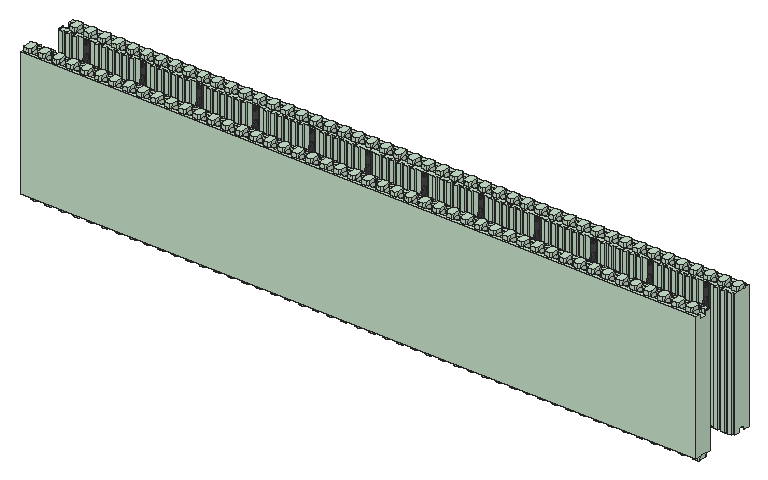
Revit family (continued)
Forms (mm)
  Extrusion 107, void
    sketch origin (508, 25.445, 0) x (-1, 0, 0) y (0, -1, 0)
      loop
        line (25.4, 124.411) -> (25.4, 101.014)
        arc (25.4, 101.014) -> (26.615, 97.278) -> (29.796, 94.972) r 6.35
        arc (29.796, 94.972) -> (36.091, 93.737) -> (42.5, 94.024) r 26.988
        arc (42.5, 94.024) -> (43.786, 93.668) -> (44.346, 92.457) r 1.587
        line (44.346, 92.457) -> (44.346, 86.829) -> (48.685, 86.829) -> (48.685, 95.62)
        arc (48.685, 95.62) -> (48.795, 96.199) -> (49.108, 96.698) r 1.588
        arc (49.108, 96.698) -> (50.362, 98.696) -> (50.8, 101.014) r 6.35
        line (50.8, 101.014) -> (50.8, 124.411)
        arc (50.8, 124.411) -> (49.585, 128.147) -> (46.404, 130.453) r 6.35
        arc (46.404, 130.453) -> (38.1, 131.763) -> (29.796, 130.453) r 26.987
        arc (29.796, 130.453) -> (26.615, 128.147) -> (25.4, 124.411) r 6.35
    from 0 to 12.7
  Extrusion 108, void
    sketch origin (558.8, 25.445, 0) x (-1, 0, 0) y (0, -1, 0)
      loop
        line (25.4, 124.411) -> (25.4, 101.014)
        arc (25.4, 101.014) -> (26.615, 97.278) -> (29.796, 94.972) r 6.35
        arc (29.796, 94.972) -> (36.091, 93.737) -> (42.5, 94.024) r 26.988
        arc (42.5, 94.024) -> (43.786, 93.668) -> (44.346, 92.457) r 1.587
        line (44.346, 92.457) -> (44.346, 86.829) -> (48.685, 86.829) -> (48.685, 95.62)
        arc (48.685, 95.62) -> (48.795, 96.199) -> (49.108, 96.698) r 1.588
        arc (49.108, 96.698) -> (50.362, 98.696) -> (50.8, 101.014) r 6.35
        line (50.8, 101.014) -> (50.8, 124.411)
        arc (50.8, 124.411) -> (49.585, 128.147) -> (46.404, 130.453) r 6.35
        arc (46.404, 130.453) -> (38.1, 131.763) -> (29.796, 130.453) r 26.987
        arc (29.796, 130.453) -> (26.615, 128.147) -> (25.4, 124.411) r 6.35
    from 0 to 12.7
  Extrusion 109, void
    sketch origin (609.6, 25.445, 0) x (-1, 0, 0) y (0, -1, 0)
      loop
        line (25.4, 124.411) -> (25.4, 101.014)
        arc (25.4, 101.014) -> (26.615, 97.278) -> (29.796, 94.972) r 6.35
        arc (29.796, 94.972) -> (36.091, 93.737) -> (42.5, 94.024) r 26.988
        arc (42.5, 94.024) -> (43.786, 93.668) -> (44.346, 92.457) r 1.587
        line (44.346, 92.457) -> (44.346, 86.829) -> (48.685, 86.829) -> (48.685, 95.62)
        arc (48.685, 95.62) -> (48.795, 96.199) -> (49.108, 96.698) r 1.588
        arc (49.108, 96.698) -> (50.362, 98.696) -> (50.8, 101.014) r 6.35
        line (50.8, 101.014) -> (50.8, 124.411)
        arc (50.8, 124.411) -> (49.585, 128.147) -> (46.404, 130.453) r 6.35
        arc (46.404, 130.453) -> (38.1, 131.763) -> (29.796, 130.453) r 26.987
        arc (29.796, 130.453) -> (26.615, 128.147) -> (25.4, 124.411) r 6.35
    from 0 to 12.7
  Extrusion 110, void
    sketch origin (660.4, 25.445, 0) x (-1, 0, 0) y (0, -1, 0)
      loop
        line (25.4, 124.411) -> (25.4, 101.014)
        arc (25.4, 101.014) -> (26.615, 97.278) -> (29.796, 94.972) r 6.35
        arc (29.796, 94.972) -> (36.091, 93.737) -> (42.5, 94.024) r 26.988
        arc (42.5, 94.024) -> (43.786, 93.668) -> (44.346, 92.457) r 1.587
        line (44.346, 92.457) -> (44.346, 86.829) -> (48.685, 86.829) -> (48.685, 95.62)
        arc (48.685, 95.62) -> (48.795, 96.199) -> (49.108, 96.698) r 1.588
        arc (49.108, 96.698) -> (50.362, 98.696) -> (50.8, 101.014) r 6.35
        line (50.8, 101.014) -> (50.8, 124.411)
        arc (50.8, 124.411) -> (49.585, 128.147) -> (46.404, 130.453) r 6.35
        arc (46.404, 130.453) -> (38.1, 131.763) -> (29.796, 130.453) r 26.987
        arc (29.796, 130.453) -> (26.615, 128.147) -> (25.4, 124.411) r 6.35
    from 0 to 12.7
  Extrusion 111, void
    sketch origin (711.2, 25.445, 0) x (-1, 0, 0) y (0, -1, 0)
      loop
        line (25.4, 124.411) -> (25.4, 101.014)
        arc (25.4, 101.014) -> (26.615, 97.278) -> (29.796, 94.972) r 6.35
        arc (29.796, 94.972) -> (36.091, 93.737) -> (42.5, 94.024) r 26.988
        arc (42.5, 94.024) -> (43.786, 93.668) -> (44.346, 92.457) r 1.587
        line (44.346, 92.457) -> (44.346, 86.829) -> (48.685, 86.829) -> (48.685, 95.62)
        arc (48.685, 95.62) -> (48.795, 96.199) -> (49.108, 96.698) r 1.588
        arc (49.108, 96.698) -> (50.362, 98.696) -> (50.8, 101.014) r 6.35
        line (50.8, 101.014) -> (50.8, 124.411)
        arc (50.8, 124.411) -> (49.585, 128.147) -> (46.404, 130.453) r 6.35
        arc (46.404, 130.453) -> (38.1, 131.763) -> (29.796, 130.453) r 26.987
        arc (29.796, 130.453) -> (26.615, 128.147) -> (25.4, 124.411) r 6.35
    from 0 to 12.7
  Extrusion 112, void
    sketch origin (762, 25.445, 0) x (-1, 0, 0) y (0, -1, 0)
      loop
        line (25.4, 124.411) -> (25.4, 101.014)
        arc (25.4, 101.014) -> (26.615, 97.278) -> (29.796, 94.972) r 6.35
        arc (29.796, 94.972) -> (36.091, 93.737) -> (42.5, 94.024) r 26.988
        arc (42.5, 94.024) -> (43.786, 93.668) -> (44.346, 92.457) r 1.587
        line (44.346, 92.457) -> (44.346, 86.829) -> (48.685, 86.829) -> (48.685, 95.62)
        arc (48.685, 95.62) -> (48.795, 96.199) -> (49.108, 96.698) r 1.588
        arc (49.108, 96.698) -> (50.362, 98.696) -> (50.8, 101.014) r 6.35
        line (50.8, 101.014) -> (50.8, 124.411)
        arc (50.8, 124.411) -> (49.585, 128.147) -> (46.404, 130.453) r 6.35
        arc (46.404, 130.453) -> (38.1, 131.763) -> (29.796, 130.453) r 26.987
        arc (29.796, 130.453) -> (26.615, 128.147) -> (25.4, 124.411) r 6.35
    from 0 to 12.7
  Extrusion 113, void
    sketch origin (812.8, 25.445, 0) x (-1, 0, 0) y (0, -1, 0)
      loop
        line (25.4, 124.411) -> (25.4, 101.014)
        arc (25.4, 101.014) -> (26.615, 97.278) -> (29.796, 94.972) r 6.35
        arc (29.796, 94.972) -> (36.091, 93.737) -> (42.5, 94.024) r 26.988
        arc (42.5, 94.024) -> (43.786, 93.668) -> (44.346, 92.457) r 1.587
        line (44.346, 92.457) -> (44.346, 86.829) -> (48.685, 86.829) -> (48.685, 95.62)
        arc (48.685, 95.62) -> (48.795, 96.199) -> (49.108, 96.698) r 1.588
        arc (49.108, 96.698) -> (50.362, 98.696) -> (50.8, 101.014) r 6.35
        line (50.8, 101.014) -> (50.8, 124.411)
        arc (50.8, 124.411) -> (49.585, 128.147) -> (46.404, 130.453) r 6.35
        arc (46.404, 130.453) -> (38.1, 131.763) -> (29.796, 130.453) r 26.987
        arc (29.796, 130.453) -> (26.615, 128.147) -> (25.4, 124.411) r 6.35
    from 0 to 12.7
  Extrusion 114, void
    sketch origin (863.6, 25.445, 0) x (-1, 0, 0) y (0, -1, 0)
      loop
        line (25.4, 124.411) -> (25.4, 101.014)
        arc (25.4, 101.014) -> (26.615, 97.278) -> (29.796, 94.972) r 6.35
        arc (29.796, 94.972) -> (36.091, 93.737) -> (42.5, 94.024) r 26.988
        arc (42.5, 94.024) -> (43.786, 93.668) -> (44.346, 92.457) r 1.587
        line (44.346, 92.457) -> (44.346, 86.829) -> (48.685, 86.829) -> (48.685, 95.62)
        arc (48.685, 95.62) -> (48.795, 96.199) -> (49.108, 96.698) r 1.588
        arc (49.108, 96.698) -> (50.362, 98.696) -> (50.8, 101.014) r 6.35
        line (50.8, 101.014) -> (50.8, 124.411)
        arc (50.8, 124.411) -> (49.585, 128.147) -> (46.404, 130.453) r 6.35
        arc (46.404, 130.453) -> (38.1, 131.763) -> (29.796, 130.453) r 26.987
        arc (29.796, 130.453) -> (26.615, 128.147) -> (25.4, 124.411) r 6.35
    from 0 to 12.7
  Extrusion 115, void
    sketch origin (914.4, 25.445, 0) x (-1, 0, 0) y (0, -1, 0)
      loop
        line (25.4, 124.411) -> (25.4, 101.014)
        arc (25.4, 101.014) -> (26.615, 97.278) -> (29.796, 94.972) r 6.35
        arc (29.796, 94.972) -> (36.091, 93.737) -> (42.5, 94.024) r 26.988
        arc (42.5, 94.024) -> (43.786, 93.668) -> (44.346, 92.457) r 1.587
        line (44.346, 92.457) -> (44.346, 86.829) -> (48.685, 86.829) -> (48.685, 95.62)
        arc (48.685, 95.62) -> (48.795, 96.199) -> (49.108, 96.698) r 1.588
        arc (49.108, 96.698) -> (50.362, 98.696) -> (50.8, 101.014) r 6.35
        line (50.8, 101.014) -> (50.8, 124.411)
        arc (50.8, 124.411) -> (49.585, 128.147) -> (46.404, 130.453) r 6.35
        arc (46.404, 130.453) -> (38.1, 131.763) -> (29.796, 130.453) r 26.987
        arc (29.796, 130.453) -> (26.615, 128.147) -> (25.4, 124.411) r 6.35
    from 0 to 12.7
  Extrusion 116, void
    sketch origin (965.2, 25.445, 0) x (-1, 0, 0) y (0, -1, 0)
      loop
        line (25.4, 124.411) -> (25.4, 101.014)
        arc (25.4, 101.014) -> (26.615, 97.278) -> (29.796, 94.972) r 6.35
        arc (29.796, 94.972) -> (36.091, 93.737) -> (42.5, 94.024) r 26.988
        arc (42.5, 94.024) -> (43.786, 93.668) -> (44.346, 92.457) r 1.587
        line (44.346, 92.457) -> (44.346, 86.829) -> (48.685, 86.829) -> (48.685, 95.62)
        arc (48.685, 95.62) -> (48.795, 96.199) -> (49.108, 96.698) r 1.588
        arc (49.108, 96.698) -> (50.362, 98.696) -> (50.8, 101.014) r 6.35
        line (50.8, 101.014) -> (50.8, 124.411)
        arc (50.8, 124.411) -> (49.585, 128.147) -> (46.404, 130.453) r 6.35
        arc (46.404, 130.453) -> (38.1, 131.763) -> (29.796, 130.453) r 26.987
        arc (29.796, 130.453) -> (26.615, 128.147) -> (25.4, 124.411) r 6.35
    from 0 to 12.7
  Extrusion 117, void
    sketch origin (1016, 25.445, 0) x (-1, 0, 0) y (0, -1, 0)
      loop
        line (25.4, 124.411) -> (25.4, 101.014)
        arc (25.4, 101.014) -> (26.615, 97.278) -> (29.796, 94.972) r 6.35
        arc (29.796, 94.972) -> (36.091, 93.737) -> (42.5, 94.024) r 26.988
        arc (42.5, 94.024) -> (43.786, 93.668) -> (44.346, 92.457) r 1.587
        line (44.346, 92.457) -> (44.346, 86.829) -> (48.685, 86.829) -> (48.685, 95.62)
        arc (48.685, 95.62) -> (48.795, 96.199) -> (49.108, 96.698) r 1.588
        arc (49.108, 96.698) -> (50.362, 98.696) -> (50.8, 101.014) r 6.35
        line (50.8, 101.014) -> (50.8, 124.411)
        arc (50.8, 124.411) -> (49.585, 128.147) -> (46.404, 130.453) r 6.35
        arc (46.404, 130.453) -> (38.1, 131.763) -> (29.796, 130.453) r 26.987
        arc (29.796, 130.453) -> (26.615, 128.147) -> (25.4, 124.411) r 6.35
    from 0 to 12.7
  Extrusion 118, void
    sketch origin (1066.8, 25.445, 0) x (-1, 0, 0) y (0, -1, 0)
      loop
        line (25.4, 124.411) -> (25.4, 101.014)
        arc (25.4, 101.014) -> (26.615, 97.278) -> (29.796, 94.972) r 6.35
        arc (29.796, 94.972) -> (36.091, 93.737) -> (42.5, 94.024) r 26.988
        arc (42.5, 94.024) -> (43.786, 93.668) -> (44.346, 92.457) r 1.587
        line (44.346, 92.457) -> (44.346, 86.829) -> (48.685, 86.829) -> (48.685, 95.62)
        arc (48.685, 95.62) -> (48.795, 96.199) -> (49.108, 96.698) r 1.588
        arc (49.108, 96.698) -> (50.362, 98.696) -> (50.8, 101.014) r 6.35
        line (50.8, 101.014) -> (50.8, 124.411)
        arc (50.8, 124.411) -> (49.585, 128.147) -> (46.404, 130.453) r 6.35
        arc (46.404, 130.453) -> (38.1, 131.763) -> (29.796, 130.453) r 26.987
        arc (29.796, 130.453) -> (26.615, 128.147) -> (25.4, 124.411) r 6.35
    from 0 to 12.7
  Extrusion 119, void
    sketch origin (1117.6, 25.445, 0) x (-1, 0, 0) y (0, -1, 0)
      loop
        line (25.4, 124.411) -> (25.4, 101.014)
        arc (25.4, 101.014) -> (26.615, 97.278) -> (29.796, 94.972) r 6.35
        arc (29.796, 94.972) -> (36.091, 93.737) -> (42.5, 94.024) r 26.988
        arc (42.5, 94.024) -> (43.786, 93.668) -> (44.346, 92.457) r 1.587
        line (44.346, 92.457) -> (44.346, 86.829) -> (48.685, 86.829) -> (48.685, 95.62)
        arc (48.685, 95.62) -> (48.795, 96.199) -> (49.108, 96.698) r 1.588
        arc (49.108, 96.698) -> (50.362, 98.696) -> (50.8, 101.014) r 6.35
        line (50.8, 101.014) -> (50.8, 124.411)
        arc (50.8, 124.411) -> (49.585, 128.147) -> (46.404, 130.453) r 6.35
        arc (46.404, 130.453) -> (38.1, 131.763) -> (29.796, 130.453) r 26.987
        arc (29.796, 130.453) -> (26.615, 128.147) -> (25.4, 124.411) r 6.35
    from 0 to 12.7
  Extrusion 120, void
    sketch origin (1168.4, 25.445, 0) x (-1, 0, 0) y (0, -1, 0)
      loop
        line (25.4, 124.411) -> (25.4, 101.014)
        arc (25.4, 101.014) -> (26.615, 97.278) -> (29.796, 94.972) r 6.35
        arc (29.796, 94.972) -> (36.091, 93.737) -> (42.5, 94.024) r 26.988
        arc (42.5, 94.024) -> (43.786, 93.668) -> (44.346, 92.457) r 1.587
        line (44.346, 92.457) -> (44.346, 86.829) -> (48.685, 86.829) -> (48.685, 95.62)
        arc (48.685, 95.62) -> (48.795, 96.199) -> (49.108, 96.698) r 1.588
        arc (49.108, 96.698) -> (50.362, 98.696) -> (50.8, 101.014) r 6.35
        line (50.8, 101.014) -> (50.8, 124.411)
        arc (50.8, 124.411) -> (49.585, 128.147) -> (46.404, 130.453) r 6.35
        arc (46.404, 130.453) -> (38.1, 131.763) -> (29.796, 130.453) r 26.987
        arc (29.796, 130.453) -> (26.615, 128.147) -> (25.4, 124.411) r 6.35
    from 0 to 12.7
  Extrusion 121, void
    sketch origin (1219.2, 25.445, 0) x (-1, 0, 0) y (0, -1, 0)
      loop
        line (25.4, 124.411) -> (25.4, 101.014)
        arc (25.4, 101.014) -> (26.615, 97.278) -> (29.796, 94.972) r 6.35
        arc (29.796, 94.972) -> (36.091, 93.737) -> (42.5, 94.024) r 26.988
        arc (42.5, 94.024) -> (43.786, 93.668) -> (44.346, 92.457) r 1.587
        line (44.346, 92.457) -> (44.346, 86.829) -> (48.685, 86.829) -> (48.685, 95.62)
        arc (48.685, 95.62) -> (48.795, 96.199) -> (49.108, 96.698) r 1.588
        arc (49.108, 96.698) -> (50.362, 98.696) -> (50.8, 101.014) r 6.35
        line (50.8, 101.014) -> (50.8, 124.411)
        arc (50.8, 124.411) -> (49.585, 128.147) -> (46.404, 130.453) r 6.35
        arc (46.404, 130.453) -> (38.1, 131.763) -> (29.796, 130.453) r 26.987
        arc (29.796, 130.453) -> (26.615, 128.147) -> (25.4, 124.411) r 6.35
    from 0 to 12.7
  Extrusion 122, void
    sketch origin (1270, 25.445, 0) x (-1, 0, 0) y (0, -1, 0)
      loop
        line (25.4, 124.411) -> (25.4, 101.014)
        arc (25.4, 101.014) -> (26.615, 97.278) -> (29.796, 94.972) r 6.35
        arc (29.796, 94.972) -> (36.091, 93.737) -> (42.5, 94.024) r 26.988
        arc (42.5, 94.024) -> (43.786, 93.668) -> (44.346, 92.457) r 1.587
        line (44.346, 92.457) -> (44.346, 86.829) -> (48.685, 86.829) -> (48.685, 95.62)
        arc (48.685, 95.62) -> (48.795, 96.199) -> (49.108, 96.698) r 1.588
        arc (49.108, 96.698) -> (50.362, 98.696) -> (50.8, 101.014) r 6.35
        line (50.8, 101.014) -> (50.8, 124.411)
        arc (50.8, 124.411) -> (49.585, 128.147) -> (46.404, 130.453) r 6.35
        arc (46.404, 130.453) -> (38.1, 131.763) -> (29.796, 130.453) r 26.987
        arc (29.796, 130.453) -> (26.615, 128.147) -> (25.4, 124.411) r 6.35
    from 0 to 12.7
  Extrusion 123, void
    sketch origin (1320.8, 25.445, 0) x (-1, 0, 0) y (0, -1, 0)
      loop
        line (25.4, 124.411) -> (25.4, 101.014)
        arc (25.4, 101.014) -> (26.615, 97.278) -> (29.796, 94.972) r 6.35
        arc (29.796, 94.972) -> (36.091, 93.737) -> (42.5, 94.024) r 26.988
        arc (42.5, 94.024) -> (43.786, 93.668) -> (44.346, 92.457) r 1.587
        line (44.346, 92.457) -> (44.346, 86.829) -> (48.685, 86.829) -> (48.685, 95.62)
        arc (48.685, 95.62) -> (48.795, 96.199) -> (49.108, 96.698) r 1.588
        arc (49.108, 96.698) -> (50.362, 98.696) -> (50.8, 101.014) r 6.35
        line (50.8, 101.014) -> (50.8, 124.411)
        arc (50.8, 124.411) -> (49.585, 128.147) -> (46.404, 130.453) r 6.35
        arc (46.404, 130.453) -> (38.1, 131.763) -> (29.796, 130.453) r 26.987
        arc (29.796, 130.453) -> (26.615, 128.147) -> (25.4, 124.411) r 6.35
    from 0 to 12.7
  Extrusion 124, void
    sketch origin (1371.6, 25.445, 0) x (-1, 0, 0) y (0, -1, 0)
      loop
        line (25.4, 124.411) -> (25.4, 101.014)
        arc (25.4, 101.014) -> (26.615, 97.278) -> (29.796, 94.972) r 6.35
        arc (29.796, 94.972) -> (36.091, 93.737) -> (42.5, 94.024) r 26.988
        arc (42.5, 94.024) -> (43.786, 93.668) -> (44.346, 92.457) r 1.587
        line (44.346, 92.457) -> (44.346, 86.829) -> (48.685, 86.829) -> (48.685, 95.62)
        arc (48.685, 95.62) -> (48.795, 96.199) -> (49.108, 96.698) r 1.588
        arc (49.108, 96.698) -> (50.362, 98.696) -> (50.8, 101.014) r 6.35
        line (50.8, 101.014) -> (50.8, 124.411)
        arc (50.8, 124.411) -> (49.585, 128.147) -> (46.404, 130.453) r 6.35
        arc (46.404, 130.453) -> (38.1, 131.763) -> (29.796, 130.453) r 26.987
        arc (29.796, 130.453) -> (26.615, 128.147) -> (25.4, 124.411) r 6.35
    from 0 to 12.7
  Extrusion 125, void
    sketch origin (1422.4, 25.445, 0) x (-1, 0, 0) y (0, -1, 0)
      loop
        line (25.4, 124.411) -> (25.4, 101.014)
        arc (25.4, 101.014) -> (26.615, 97.278) -> (29.796, 94.972) r 6.35
        arc (29.796, 94.972) -> (36.091, 93.737) -> (42.5, 94.024) r 26.988
        arc (42.5, 94.024) -> (43.786, 93.668) -> (44.346, 92.457) r 1.587
        line (44.346, 92.457) -> (44.346, 86.829) -> (48.685, 86.829) -> (48.685, 95.62)
        arc (48.685, 95.62) -> (48.795, 96.199) -> (49.108, 96.698) r 1.588
        arc (49.108, 96.698) -> (50.362, 98.696) -> (50.8, 101.014) r 6.35
        line (50.8, 101.014) -> (50.8, 124.411)
        arc (50.8, 124.411) -> (49.585, 128.147) -> (46.404, 130.453) r 6.35
        arc (46.404, 130.453) -> (38.1, 131.763) -> (29.796, 130.453) r 26.987
        arc (29.796, 130.453) -> (26.615, 128.147) -> (25.4, 124.411) r 6.35
    from 0 to 12.7
  Extrusion 126, void
    sketch origin (1473.2, 25.445, 0) x (-1, 0, 0) y (0, -1, 0)
      loop
        line (25.4, 124.411) -> (25.4, 101.014)
        arc (25.4, 101.014) -> (26.615, 97.278) -> (29.796, 94.972) r 6.35
        arc (29.796, 94.972) -> (36.091, 93.737) -> (42.5, 94.024) r 26.988
        arc (42.5, 94.024) -> (43.786, 93.668) -> (44.346, 92.457) r 1.587
        line (44.346, 92.457) -> (44.346, 86.829) -> (48.685, 86.829) -> (48.685, 95.62)
        arc (48.685, 95.62) -> (48.795, 96.199) -> (49.108, 96.698) r 1.588
        arc (49.108, 96.698) -> (50.362, 98.696) -> (50.8, 101.014) r 6.35
        line (50.8, 101.014) -> (50.8, 124.411)
        arc (50.8, 124.411) -> (49.585, 128.147) -> (46.404, 130.453) r 6.35
        arc (46.404, 130.453) -> (38.1, 131.763) -> (29.796, 130.453) r 26.987
        arc (29.796, 130.453) -> (26.615, 128.147) -> (25.4, 124.411) r 6.35
    from 0 to 12.7
  Extrusion 127, void
    sketch origin (1524, 25.445, 0) x (-1, 0, 0) y (0, -1, 0)
      loop
        line (25.4, 124.411) -> (25.4, 101.014)
        arc (25.4, 101.014) -> (26.615, 97.278) -> (29.796, 94.972) r 6.35
        arc (29.796, 94.972) -> (36.091, 93.737) -> (42.5, 94.024) r 26.988
        arc (42.5, 94.024) -> (43.786, 93.668) -> (44.346, 92.457) r 1.587
        line (44.346, 92.457) -> (44.346, 86.829) -> (48.685, 86.829) -> (48.685, 95.62)
        arc (48.685, 95.62) -> (48.795, 96.199) -> (49.108, 96.698) r 1.588
        arc (49.108, 96.698) -> (50.362, 98.696) -> (50.8, 101.014) r 6.35
        line (50.8, 101.014) -> (50.8, 124.411)
        arc (50.8, 124.411) -> (49.585, 128.147) -> (46.404, 130.453) r 6.35
        arc (46.404, 130.453) -> (38.1, 131.763) -> (29.796, 130.453) r 26.987
        arc (29.796, 130.453) -> (26.615, 128.147) -> (25.4, 124.411) r 6.35
    from 0 to 12.7
  Extrusion 128, void
    sketch origin (1574.8, 25.445, 0) x (-1, 0, 0) y (0, -1, 0)
      loop
        line (25.4, 124.411) -> (25.4, 101.014)
        arc (25.4, 101.014) -> (26.615, 97.278) -> (29.796, 94.972) r 6.35
        arc (29.796, 94.972) -> (36.091, 93.737) -> (42.5, 94.024) r 26.988
        arc (42.5, 94.024) -> (43.786, 93.668) -> (44.346, 92.457) r 1.587
        line (44.346, 92.457) -> (44.346, 86.829) -> (48.685, 86.829) -> (48.685, 95.62)
        arc (48.685, 95.62) -> (48.795, 96.199) -> (49.108, 96.698) r 1.588
        arc (49.108, 96.698) -> (50.362, 98.696) -> (50.8, 101.014) r 6.35
        line (50.8, 101.014) -> (50.8, 124.411)
        arc (50.8, 124.411) -> (49.585, 128.147) -> (46.404, 130.453) r 6.35
        arc (46.404, 130.453) -> (38.1, 131.763) -> (29.796, 130.453) r 26.987
        arc (29.796, 130.453) -> (26.615, 128.147) -> (25.4, 124.411) r 6.35
    from 0 to 12.7
  Extrusion 129, void
    sketch origin (1625.6, 25.445, 0) x (-1, 0, 0) y (0, -1, 0)
      loop
        line (25.4, 124.411) -> (25.4, 101.014)
        arc (25.4, 101.014) -> (26.615, 97.278) -> (29.796, 94.972) r 6.35
        arc (29.796, 94.972) -> (36.091, 93.737) -> (42.5, 94.024) r 26.988
        arc (42.5, 94.024) -> (43.786, 93.668) -> (44.346, 92.457) r 1.587
        line (44.346, 92.457) -> (44.346, 86.829) -> (48.685, 86.829) -> (48.685, 95.62)
        arc (48.685, 95.62) -> (48.795, 96.199) -> (49.108, 96.698) r 1.588
        arc (49.108, 96.698) -> (50.362, 98.696) -> (50.8, 101.014) r 6.35
        line (50.8, 101.014) -> (50.8, 124.411)
        arc (50.8, 124.411) -> (49.585, 128.147) -> (46.404, 130.453) r 6.35
        arc (46.404, 130.453) -> (38.1, 131.763) -> (29.796, 130.453) r 26.987
        arc (29.796, 130.453) -> (26.615, 128.147) -> (25.4, 124.411) r 6.35
    from 0 to 12.7
  Extrusion 130, void
    sketch origin (1676.4, 25.445, 0) x (-1, 0, 0) y (0, -1, 0)
      loop
        line (25.4, 124.411) -> (25.4, 101.014)
        arc (25.4, 101.014) -> (26.615, 97.278) -> (29.796, 94.972) r 6.35
        arc (29.796, 94.972) -> (36.091, 93.737) -> (42.5, 94.024) r 26.988
        arc (42.5, 94.024) -> (43.786, 93.668) -> (44.346, 92.457) r 1.587
        line (44.346, 92.457) -> (44.346, 86.829) -> (48.685, 86.829) -> (48.685, 95.62)
        arc (48.685, 95.62) -> (48.795, 96.199) -> (49.108, 96.698) r 1.588
        arc (49.108, 96.698) -> (50.362, 98.696) -> (50.8, 101.014) r 6.35
        line (50.8, 101.014) -> (50.8, 124.411)
        arc (50.8, 124.411) -> (49.585, 128.147) -> (46.404, 130.453) r 6.35
        arc (46.404, 130.453) -> (38.1, 131.763) -> (29.796, 130.453) r 26.987
        arc (29.796, 130.453) -> (26.615, 128.147) -> (25.4, 124.411) r 6.35
    from 0 to 12.7
  Extrusion 131, void
    sketch origin (1727.2, 25.445, 0) x (-1, 0, 0) y (0, -1, 0)
      loop
        line (25.4, 124.411) -> (25.4, 101.014)
        arc (25.4, 101.014) -> (26.615, 97.278) -> (29.796, 94.972) r 6.35
        arc (29.796, 94.972) -> (36.091, 93.737) -> (42.5, 94.024) r 26.988
        arc (42.5, 94.024) -> (43.786, 93.668) -> (44.346, 92.457) r 1.587
        line (44.346, 92.457) -> (44.346, 86.829) -> (48.685, 86.829) -> (48.685, 95.62)
        arc (48.685, 95.62) -> (48.795, 96.199) -> (49.108, 96.698) r 1.588
        arc (49.108, 96.698) -> (50.362, 98.696) -> (50.8, 101.014) r 6.35
        line (50.8, 101.014) -> (50.8, 124.411)
        arc (50.8, 124.411) -> (49.585, 128.147) -> (46.404, 130.453) r 6.35
        arc (46.404, 130.453) -> (38.1, 131.763) -> (29.796, 130.453) r 26.987
        arc (29.796, 130.453) -> (26.615, 128.147) -> (25.4, 124.411) r 6.35
    from 0 to 12.7
  Extrusion 132, void
    sketch origin (1778, 25.445, 0) x (-1, 0, 0) y (0, -1, 0)
      loop
        line (25.4, 124.411) -> (25.4, 101.014)
        arc (25.4, 101.014) -> (26.615, 97.278) -> (29.796, 94.972) r 6.35
        arc (29.796, 94.972) -> (36.091, 93.737) -> (42.5, 94.024) r 26.988
        arc (42.5, 94.024) -> (43.786, 93.668) -> (44.346, 92.457) r 1.587
        line (44.346, 92.457) -> (44.346, 86.829) -> (48.685, 86.829) -> (48.685, 95.62)
        arc (48.685, 95.62) -> (48.795, 96.199) -> (49.108, 96.698) r 1.588
        arc (49.108, 96.698) -> (50.362, 98.696) -> (50.8, 101.014) r 6.35
        line (50.8, 101.014) -> (50.8, 124.411)
        arc (50.8, 124.411) -> (49.585, 128.147) -> (46.404, 130.453) r 6.35
        arc (46.404, 130.453) -> (38.1, 131.763) -> (29.796, 130.453) r 26.987
        arc (29.796, 130.453) -> (26.615, 128.147) -> (25.4, 124.411) r 6.35
    from 0 to 12.7
  Extrusion 133, void
    sketch origin (1828.8, 25.445, 0) x (-1, 0, 0) y (0, -1, 0)
      loop
        line (25.4, 124.411) -> (25.4, 101.014)
        arc (25.4, 101.014) -> (26.615, 97.278) -> (29.796, 94.972) r 6.35
        arc (29.796, 94.972) -> (36.091, 93.737) -> (42.5, 94.024) r 26.988
        arc (42.5, 94.024) -> (43.786, 93.668) -> (44.346, 92.457) r 1.587
        line (44.346, 92.457) -> (44.346, 86.829) -> (48.685, 86.829) -> (48.685, 95.62)
        arc (48.685, 95.62) -> (48.795, 96.199) -> (49.108, 96.698) r 1.588
        arc (49.108, 96.698) -> (50.362, 98.696) -> (50.8, 101.014) r 6.35
        line (50.8, 101.014) -> (50.8, 124.411)
        arc (50.8, 124.411) -> (49.585, 128.147) -> (46.404, 130.453) r 6.35
        arc (46.404, 130.453) -> (38.1, 131.763) -> (29.796, 130.453) r 26.987
        arc (29.796, 130.453) -> (26.615, 128.147) -> (25.4, 124.411) r 6.35
    from 0 to 12.7
  Extrusion 134, void
    sketch origin (1879.6, 25.445, 0) x (-1, 0, 0) y (0, -1, 0)
      loop
        line (25.4, 124.411) -> (25.4, 101.014)
        arc (25.4, 101.014) -> (26.615, 97.278) -> (29.796, 94.972) r 6.35
        arc (29.796, 94.972) -> (36.091, 93.737) -> (42.5, 94.024) r 26.988
        arc (42.5, 94.024) -> (43.786, 93.668) -> (44.346, 92.457) r 1.587
        line (44.346, 92.457) -> (44.346, 86.829) -> (48.685, 86.829) -> (48.685, 95.62)
        arc (48.685, 95.62) -> (48.795, 96.199) -> (49.108, 96.698) r 1.588
        arc (49.108, 96.698) -> (50.362, 98.696) -> (50.8, 101.014) r 6.35
        line (50.8, 101.014) -> (50.8, 124.411)
        arc (50.8, 124.411) -> (49.585, 128.147) -> (46.404, 130.453) r 6.35
        arc (46.404, 130.453) -> (38.1, 131.763) -> (29.796, 130.453) r 26.987
        arc (29.796, 130.453) -> (26.615, 128.147) -> (25.4, 124.411) r 6.35
    from 0 to 12.7
  Extrusion 135, void
    sketch origin (1930.4, 25.445, 0) x (-1, 0, 0) y (0, -1, 0)
      loop
        line (25.4, 124.411) -> (25.4, 101.014)
        arc (25.4, 101.014) -> (26.615, 97.278) -> (29.796, 94.972) r 6.35
        arc (29.796, 94.972) -> (36.091, 93.737) -> (42.5, 94.024) r 26.988
        arc (42.5, 94.024) -> (43.786, 93.668) -> (44.346, 92.457) r 1.587
        line (44.346, 92.457) -> (44.346, 86.829) -> (48.685, 86.829) -> (48.685, 95.62)
        arc (48.685, 95.62) -> (48.795, 96.199) -> (49.108, 96.698) r 1.588
        arc (49.108, 96.698) -> (50.362, 98.696) -> (50.8, 101.014) r 6.35
        line (50.8, 101.014) -> (50.8, 124.411)
        arc (50.8, 124.411) -> (49.585, 128.147) -> (46.404, 130.453) r 6.35
        arc (46.404, 130.453) -> (38.1, 131.763) -> (29.796, 130.453) r 26.987
        arc (29.796, 130.453) -> (26.615, 128.147) -> (25.4, 124.411) r 6.35
    from 0 to 12.7
  Extrusion 136, void
    sketch origin (1981.2, 25.445, 0) x (-1, 0, 0) y (0, -1, 0)
      loop
        line (25.4, 124.411) -> (25.4, 101.014)
        arc (25.4, 101.014) -> (26.615, 97.278) -> (29.796, 94.972) r 6.35
        arc (29.796, 94.972) -> (36.091, 93.737) -> (42.5, 94.024) r 26.988
        arc (42.5, 94.024) -> (43.786, 93.668) -> (44.346, 92.457) r 1.587
        line (44.346, 92.457) -> (44.346, 86.829) -> (48.685, 86.829) -> (48.685, 95.62)
        arc (48.685, 95.62) -> (48.795, 96.199) -> (49.108, 96.698) r 1.588
        arc (49.108, 96.698) -> (50.362, 98.696) -> (50.8, 101.014) r 6.35
        line (50.8, 101.014) -> (50.8, 124.411)
        arc (50.8, 124.411) -> (49.585, 128.147) -> (46.404, 130.453) r 6.35
        arc (46.404, 130.453) -> (38.1, 131.763) -> (29.796, 130.453) r 26.987
        arc (29.796, 130.453) -> (26.615, 128.147) -> (25.4, 124.411) r 6.35
    from 0 to 12.7
  Extrusion 137, void
    sketch origin (2032, 25.445, 0) x (-1, 0, 0) y (0, -1, 0)
      loop
        line (25.4, 124.411) -> (25.4, 101.014)
        arc (25.4, 101.014) -> (26.615, 97.278) -> (29.796, 94.972) r 6.35
        arc (29.796, 94.972) -> (36.091, 93.737) -> (42.5, 94.024) r 26.988
        arc (42.5, 94.024) -> (43.786, 93.668) -> (44.346, 92.457) r 1.587
        line (44.346, 92.457) -> (44.346, 86.829) -> (48.685, 86.829) -> (48.685, 95.62)
        arc (48.685, 95.62) -> (48.795, 96.199) -> (49.108, 96.698) r 1.588
        arc (49.108, 96.698) -> (50.362, 98.696) -> (50.8, 101.014) r 6.35
        line (50.8, 101.014) -> (50.8, 124.411)
        arc (50.8, 124.411) -> (49.585, 128.147) -> (46.404, 130.453) r 6.35
        arc (46.404, 130.453) -> (38.1, 131.763) -> (29.796, 130.453) r 26.987
        arc (29.796, 130.453) -> (26.615, 128.147) -> (25.4, 124.411) r 6.35
    from 0 to 12.7
  Extrusion 138, void
    sketch origin (2082.8, 25.445, 0) x (-1, 0, 0) y (0, -1, 0)
      loop
        line (25.4, 124.411) -> (25.4, 101.014)
        arc (25.4, 101.014) -> (26.615, 97.278) -> (29.796, 94.972) r 6.35
        arc (29.796, 94.972) -> (36.091, 93.737) -> (42.5, 94.024) r 26.988
        arc (42.5, 94.024) -> (43.786, 93.668) -> (44.346, 92.457) r 1.587
        line (44.346, 92.457) -> (44.346, 86.829) -> (48.685, 86.829) -> (48.685, 95.62)
        arc (48.685, 95.62) -> (48.795, 96.199) -> (49.108, 96.698) r 1.588
        arc (49.108, 96.698) -> (50.362, 98.696) -> (50.8, 101.014) r 6.35
        line (50.8, 101.014) -> (50.8, 124.411)
        arc (50.8, 124.411) -> (49.585, 128.147) -> (46.404, 130.453) r 6.35
        arc (46.404, 130.453) -> (38.1, 131.763) -> (29.796, 130.453) r 26.987
        arc (29.796, 130.453) -> (26.615, 128.147) -> (25.4, 124.411) r 6.35
    from 0 to 12.7
  Extrusion 139, void
    sketch origin (2133.6, 25.445, 0) x (-1, 0, 0) y (0, -1, 0)
      loop
        line (25.4, 124.411) -> (25.4, 101.014)
        arc (25.4, 101.014) -> (26.615, 97.278) -> (29.796, 94.972) r 6.35
        arc (29.796, 94.972) -> (36.091, 93.737) -> (42.5, 94.024) r 26.988
        arc (42.5, 94.024) -> (43.786, 93.668) -> (44.346, 92.457) r 1.587
        line (44.346, 92.457) -> (44.346, 86.829) -> (48.685, 86.829) -> (48.685, 95.62)
        arc (48.685, 95.62) -> (48.795, 96.199) -> (49.108, 96.698) r 1.588
        arc (49.108, 96.698) -> (50.362, 98.696) -> (50.8, 101.014) r 6.35
        line (50.8, 101.014) -> (50.8, 124.411)
        arc (50.8, 124.411) -> (49.585, 128.147) -> (46.404, 130.453) r 6.35
        arc (46.404, 130.453) -> (38.1, 131.763) -> (29.796, 130.453) r 26.987
        arc (29.796, 130.453) -> (26.615, 128.147) -> (25.4, 124.411) r 6.35
    from 0 to 12.7
  Extrusion 140, void
    sketch origin (2184.4, 25.445, 0) x (-1, 0, 0) y (0, -1, 0)
      loop
        line (25.4, 124.411) -> (25.4, 101.014)
        arc (25.4, 101.014) -> (26.615, 97.278) -> (29.796, 94.972) r 6.35
        arc (29.796, 94.972) -> (36.091, 93.737) -> (42.5, 94.024) r 26.988
        arc (42.5, 94.024) -> (43.786, 93.668) -> (44.346, 92.457) r 1.587
        line (44.346, 92.457) -> (44.346, 86.829) -> (48.685, 86.829) -> (48.685, 95.62)
        arc (48.685, 95.62) -> (48.795, 96.199) -> (49.108, 96.698) r 1.588
        arc (49.108, 96.698) -> (50.362, 98.696) -> (50.8, 101.014) r 6.35
        line (50.8, 101.014) -> (50.8, 124.411)
        arc (50.8, 124.411) -> (49.585, 128.147) -> (46.404, 130.453) r 6.35
        arc (46.404, 130.453) -> (38.1, 131.763) -> (29.796, 130.453) r 26.987
        arc (29.796, 130.453) -> (26.615, 128.147) -> (25.4, 124.411) r 6.35
    from 0 to 12.7
  Extrusion 141, void
    sketch origin (2235.2, 25.445, 0) x (-1, 0, 0) y (0, -1, 0)
      loop
        line (25.4, 124.411) -> (25.4, 101.014)
        arc (25.4, 101.014) -> (26.615, 97.278) -> (29.796, 94.972) r 6.35
        arc (29.796, 94.972) -> (36.091, 93.737) -> (42.5, 94.024) r 26.988
        arc (42.5, 94.024) -> (43.786, 93.668) -> (44.346, 92.457) r 1.587
        line (44.346, 92.457) -> (44.346, 86.829) -> (48.685, 86.829) -> (48.685, 95.62)
        arc (48.685, 95.62) -> (48.795, 96.199) -> (49.108, 96.698) r 1.588
        arc (49.108, 96.698) -> (50.362, 98.696) -> (50.8, 101.014) r 6.35
        line (50.8, 101.014) -> (50.8, 124.411)
        arc (50.8, 124.411) -> (49.585, 128.147) -> (46.404, 130.453) r 6.35
        arc (46.404, 130.453) -> (38.1, 131.763) -> (29.796, 130.453) r 26.987
        arc (29.796, 130.453) -> (26.615, 128.147) -> (25.4, 124.411) r 6.35
    from 0 to 12.7
  Extrusion 142, void
    sketch origin (2286, 25.445, 0) x (-1, 0, 0) y (0, -1, 0)
      loop
        line (25.4, 124.411) -> (25.4, 101.014)
        arc (25.4, 101.014) -> (26.615, 97.278) -> (29.796, 94.972) r 6.35
        arc (29.796, 94.972) -> (36.091, 93.737) -> (42.5, 94.024) r 26.988
        arc (42.5, 94.024) -> (43.786, 93.668) -> (44.346, 92.457) r 1.587
        line (44.346, 92.457) -> (44.346, 86.829) -> (48.685, 86.829) -> (48.685, 95.62)
        arc (48.685, 95.62) -> (48.795, 96.199) -> (49.108, 96.698) r 1.588
        arc (49.108, 96.698) -> (50.362, 98.696) -> (50.8, 101.014) r 6.35
        line (50.8, 101.014) -> (50.8, 124.411)
        arc (50.8, 124.411) -> (49.585, 128.147) -> (46.404, 130.453) r 6.35
        arc (46.404, 130.453) -> (38.1, 131.763) -> (29.796, 130.453) r 26.987
        arc (29.796, 130.453) -> (26.615, 128.147) -> (25.4, 124.411) r 6.35
    from 0 to 12.7
  Extrusion 143, void
    sketch origin (2336.8, 25.445, 0) x (-1, 0, 0) y (0, -1, 0)
      loop
        line (25.4, 124.411) -> (25.4, 101.014)
        arc (25.4, 101.014) -> (26.615, 97.278) -> (29.796, 94.972) r 6.35
        arc (29.796, 94.972) -> (36.091, 93.737) -> (42.5, 94.024) r 26.988
        arc (42.5, 94.024) -> (43.786, 93.668) -> (44.346, 92.457) r 1.587
        line (44.346, 92.457) -> (44.346, 86.829) -> (48.685, 86.829) -> (48.685, 95.62)
        arc (48.685, 95.62) -> (48.795, 96.199) -> (49.108, 96.698) r 1.588
        arc (49.108, 96.698) -> (50.362, 98.696) -> (50.8, 101.014) r 6.35
        line (50.8, 101.014) -> (50.8, 124.411)
        arc (50.8, 124.411) -> (49.585, 128.147) -> (46.404, 130.453) r 6.35
        arc (46.404, 130.453) -> (38.1, 131.763) -> (29.796, 130.453) r 26.987
        arc (29.796, 130.453) -> (26.615, 128.147) -> (25.4, 124.411) r 6.35
    from 0 to 12.7
  Extrusion 144, void
    sketch origin (2387.6, 25.445, 0) x (-1, 0, 0) y (0, -1, 0)
      loop
        line (25.4, 124.411) -> (25.4, 101.014)
        arc (25.4, 101.014) -> (26.615, 97.278) -> (29.796, 94.972) r 6.35
        arc (29.796, 94.972) -> (36.091, 93.737) -> (42.5, 94.024) r 26.988
        arc (42.5, 94.024) -> (43.786, 93.668) -> (44.346, 92.457) r 1.587
        line (44.346, 92.457) -> (44.346, 86.829) -> (48.685, 86.829) -> (48.685, 95.62)
        arc (48.685, 95.62) -> (48.795, 96.199) -> (49.108, 96.698) r 1.588
        arc (49.108, 96.698) -> (50.362, 98.696) -> (50.8, 101.014) r 6.35
        line (50.8, 101.014) -> (50.8, 124.411)
        arc (50.8, 124.411) -> (49.585, 128.147) -> (46.404, 130.453) r 6.35
        arc (46.404, 130.453) -> (38.1, 131.763) -> (29.796, 130.453) r 26.987
        arc (29.796, 130.453) -> (26.615, 128.147) -> (25.4, 124.411) r 6.35
    from 0 to 12.7
  Extrusion 145, void
    sketch origin (2438.4, 25.445, 0) x (-1, 0, 0) y (0, -1, 0)
      loop
        line (25.4, 124.411) -> (25.4, 101.014)
        arc (25.4, 101.014) -> (26.615, 97.278) -> (29.796, 94.972) r 6.35
        arc (29.796, 94.972) -> (36.091, 93.737) -> (42.5, 94.024) r 26.988
        arc (42.5, 94.024) -> (43.786, 93.668) -> (44.346, 92.457) r 1.587
        line (44.346, 92.457) -> (44.346, 86.829) -> (48.685, 86.829) -> (48.685, 95.62)
        arc (48.685, 95.62) -> (48.795, 96.199) -> (49.108, 96.698) r 1.588
        arc (49.108, 96.698) -> (50.362, 98.696) -> (50.8, 101.014) r 6.35
        line (50.8, 101.014) -> (50.8, 124.411)
        arc (50.8, 124.411) -> (49.585, 128.147) -> (46.404, 130.453) r 6.35
        arc (46.404, 130.453) -> (38.1, 131.763) -> (29.796, 130.453) r 26.987
        arc (29.796, 130.453) -> (26.615, 128.147) -> (25.4, 124.411) r 6.35
    from 0 to 12.7
  Extrusion 146, void
    sketch origin (2387.6, -25.355, 0) x (1, 0, 0) y (0, 1, 0)
      loop
        line (25.4, 124.411) -> (25.4, 101.014)
        arc (25.4, 101.014) -> (26.615, 97.278) -> (29.796, 94.972) r 6.35
        arc (29.796, 94.972) -> (36.091, 93.737) -> (42.5, 94.024) r 26.988
        arc (42.5, 94.024) -> (43.786, 93.668) -> (44.346, 92.457) r 1.587
        line (44.346, 92.457) -> (44.346, 86.829) -> (48.685, 86.829) -> (48.685, 95.62)
        arc (48.685, 95.62) -> (48.795, 96.199) -> (49.108, 96.698) r 1.588
        arc (49.108, 96.698) -> (50.362, 98.696) -> (50.8, 101.014) r 6.35
        line (50.8, 101.014) -> (50.8, 124.411)
        arc (50.8, 124.411) -> (49.585, 128.147) -> (46.404, 130.453) r 6.35
        arc (46.404, 130.453) -> (38.1, 131.763) -> (29.796, 130.453) r 26.987
        arc (29.796, 130.453) -> (26.615, 128.147) -> (25.4, 124.411) r 6.35
    from 0 to 12.7
  Extrusion 147, void
    sketch origin (2336.8, -25.355, 0) x (1, 0, 0) y (0, 1, 0)
      loop
        line (25.4, 124.411) -> (25.4, 101.014)
        arc (25.4, 101.014) -> (26.615, 97.278) -> (29.796, 94.972) r 6.35
        arc (29.796, 94.972) -> (36.091, 93.737) -> (42.5, 94.024) r 26.988
        arc (42.5, 94.024) -> (43.786, 93.668) -> (44.346, 92.457) r 1.587
        line (44.346, 92.457) -> (44.346, 86.829) -> (48.685, 86.829) -> (48.685, 95.62)
        arc (48.685, 95.62) -> (48.795, 96.199) -> (49.108, 96.698) r 1.588
        arc (49.108, 96.698) -> (50.362, 98.696) -> (50.8, 101.014) r 6.35
        line (50.8, 101.014) -> (50.8, 124.411)
        arc (50.8, 124.411) -> (49.585, 128.147) -> (46.404, 130.453) r 6.35
        arc (46.404, 130.453) -> (38.1, 131.763) -> (29.796, 130.453) r 26.987
        arc (29.796, 130.453) -> (26.615, 128.147) -> (25.4, 124.411) r 6.35
    from 0 to 12.7
  Extrusion 148, void
    sketch origin (2286, -25.355, 0) x (1, 0, 0) y (0, 1, 0)
      loop
        line (25.4, 124.411) -> (25.4, 101.014)
        arc (25.4, 101.014) -> (26.615, 97.278) -> (29.796, 94.972) r 6.35
        arc (29.796, 94.972) -> (36.091, 93.737) -> (42.5, 94.024) r 26.988
        arc (42.5, 94.024) -> (43.786, 93.668) -> (44.346, 92.457) r 1.587
        line (44.346, 92.457) -> (44.346, 86.829) -> (48.685, 86.829) -> (48.685, 95.62)
        arc (48.685, 95.62) -> (48.795, 96.199) -> (49.108, 96.698) r 1.588
        arc (49.108, 96.698) -> (50.362, 98.696) -> (50.8, 101.014) r 6.35
        line (50.8, 101.014) -> (50.8, 124.411)
        arc (50.8, 124.411) -> (49.585, 128.147) -> (46.404, 130.453) r 6.35
        arc (46.404, 130.453) -> (38.1, 131.763) -> (29.796, 130.453) r 26.987
        arc (29.796, 130.453) -> (26.615, 128.147) -> (25.4, 124.411) r 6.35
    from 0 to 12.7
  Extrusion 149, void
    sketch origin (2235.2, -25.355, 0) x (1, 0, 0) y (0, 1, 0)
      loop
        line (25.4, 124.411) -> (25.4, 101.014)
        arc (25.4, 101.014) -> (26.615, 97.278) -> (29.796, 94.972) r 6.35
        arc (29.796, 94.972) -> (36.091, 93.737) -> (42.5, 94.024) r 26.988
        arc (42.5, 94.024) -> (43.786, 93.668) -> (44.346, 92.457) r 1.587
        line (44.346, 92.457) -> (44.346, 86.829) -> (48.685, 86.829) -> (48.685, 95.62)
        arc (48.685, 95.62) -> (48.795, 96.199) -> (49.108, 96.698) r 1.588
        arc (49.108, 96.698) -> (50.362, 98.696) -> (50.8, 101.014) r 6.35
        line (50.8, 101.014) -> (50.8, 124.411)
        arc (50.8, 124.411) -> (49.585, 128.147) -> (46.404, 130.453) r 6.35
        arc (46.404, 130.453) -> (38.1, 131.763) -> (29.796, 130.453) r 26.987
        arc (29.796, 130.453) -> (26.615, 128.147) -> (25.4, 124.411) r 6.35
    from 0 to 12.7
  Extrusion 150, void
    sketch origin (2184.4, -25.355, 0) x (1, 0, 0) y (0, 1, 0)
      loop
        line (25.4, 124.411) -> (25.4, 101.014)
        arc (25.4, 101.014) -> (26.615, 97.278) -> (29.796, 94.972) r 6.35
        arc (29.796, 94.972) -> (36.091, 93.737) -> (42.5, 94.024) r 26.988
        arc (42.5, 94.024) -> (43.786, 93.668) -> (44.346, 92.457) r 1.587
        line (44.346, 92.457) -> (44.346, 86.829) -> (48.685, 86.829) -> (48.685, 95.62)
        arc (48.685, 95.62) -> (48.795, 96.199) -> (49.108, 96.698) r 1.588
        arc (49.108, 96.698) -> (50.362, 98.696) -> (50.8, 101.014) r 6.35
        line (50.8, 101.014) -> (50.8, 124.411)
        arc (50.8, 124.411) -> (49.585, 128.147) -> (46.404, 130.453) r 6.35
        arc (46.404, 130.453) -> (38.1, 131.763) -> (29.796, 130.453) r 26.987
        arc (29.796, 130.453) -> (26.615, 128.147) -> (25.4, 124.411) r 6.35
    from 0 to 12.7
  Extrusion 151, void
    sketch origin (2133.6, -25.355, 0) x (1, 0, 0) y (0, 1, 0)
      loop
        line (25.4, 124.411) -> (25.4, 101.014)
        arc (25.4, 101.014) -> (26.615, 97.278) -> (29.796, 94.972) r 6.35
        arc (29.796, 94.972) -> (36.091, 93.737) -> (42.5, 94.024) r 26.988
        arc (42.5, 94.024) -> (43.786, 93.668) -> (44.346, 92.457) r 1.587
        line (44.346, 92.457) -> (44.346, 86.829) -> (48.685, 86.829) -> (48.685, 95.62)
        arc (48.685, 95.62) -> (48.795, 96.199) -> (49.108, 96.698) r 1.588
        arc (49.108, 96.698) -> (50.362, 98.696) -> (50.8, 101.014) r 6.35
        line (50.8, 101.014) -> (50.8, 124.411)
        arc (50.8, 124.411) -> (49.585, 128.147) -> (46.404, 130.453) r 6.35
        arc (46.404, 130.453) -> (38.1, 131.763) -> (29.796, 130.453) r 26.987
        arc (29.796, 130.453) -> (26.615, 128.147) -> (25.4, 124.411) r 6.35
    from 0 to 12.7
  Extrusion 152, void
    sketch origin (2082.8, -25.355, 0) x (1, 0, 0) y (0, 1, 0)
      loop
        line (25.4, 124.411) -> (25.4, 101.014)
        arc (25.4, 101.014) -> (26.615, 97.278) -> (29.796, 94.972) r 6.35
        arc (29.796, 94.972) -> (36.091, 93.737) -> (42.5, 94.024) r 26.988
        arc (42.5, 94.024) -> (43.786, 93.668) -> (44.346, 92.457) r 1.587
        line (44.346, 92.457) -> (44.346, 86.829) -> (48.685, 86.829) -> (48.685, 95.62)
        arc (48.685, 95.62) -> (48.795, 96.199) -> (49.108, 96.698) r 1.588
        arc (49.108, 96.698) -> (50.362, 98.696) -> (50.8, 101.014) r 6.35
        line (50.8, 101.014) -> (50.8, 124.411)
        arc (50.8, 124.411) -> (49.585, 128.147) -> (46.404, 130.453) r 6.35
        arc (46.404, 130.453) -> (38.1, 131.763) -> (29.796, 130.453) r 26.987
        arc (29.796, 130.453) -> (26.615, 128.147) -> (25.4, 124.411) r 6.35
    from 0 to 12.7
  Extrusion 153, void
    sketch origin (2032, -25.355, 0) x (1, 0, 0) y (0, 1, 0)
      loop
        line (25.4, 124.411) -> (25.4, 101.014)
        arc (25.4, 101.014) -> (26.615, 97.278) -> (29.796, 94.972) r 6.35
        arc (29.796, 94.972) -> (36.091, 93.737) -> (42.5, 94.024) r 26.988
        arc (42.5, 94.024) -> (43.786, 93.668) -> (44.346, 92.457) r 1.587
        line (44.346, 92.457) -> (44.346, 86.829) -> (48.685, 86.829) -> (48.685, 95.62)
        arc (48.685, 95.62) -> (48.795, 96.199) -> (49.108, 96.698) r 1.588
        arc (49.108, 96.698) -> (50.362, 98.696) -> (50.8, 101.014) r 6.35
        line (50.8, 101.014) -> (50.8, 124.411)
        arc (50.8, 124.411) -> (49.585, 128.147) -> (46.404, 130.453) r 6.35
        arc (46.404, 130.453) -> (38.1, 131.763) -> (29.796, 130.453) r 26.987
        arc (29.796, 130.453) -> (26.615, 128.147) -> (25.4, 124.411) r 6.35
    from 0 to 12.7
  Extrusion 154, void
    sketch origin (1981.2, -25.355, 0) x (1, 0, 0) y (0, 1, 0)
      loop
        line (25.4, 124.411) -> (25.4, 101.014)
        arc (25.4, 101.014) -> (26.615, 97.278) -> (29.796, 94.972) r 6.35
        arc (29.796, 94.972) -> (36.091, 93.737) -> (42.5, 94.024) r 26.988
        arc (42.5, 94.024) -> (43.786, 93.668) -> (44.346, 92.457) r 1.587
        line (44.346, 92.457) -> (44.346, 86.829) -> (48.685, 86.829) -> (48.685, 95.62)
        arc (48.685, 95.62) -> (48.795, 96.199) -> (49.108, 96.698) r 1.588
        arc (49.108, 96.698) -> (50.362, 98.696) -> (50.8, 101.014) r 6.35
        line (50.8, 101.014) -> (50.8, 124.411)
        arc (50.8, 124.411) -> (49.585, 128.147) -> (46.404, 130.453) r 6.35
        arc (46.404, 130.453) -> (38.1, 131.763) -> (29.796, 130.453) r 26.987
        arc (29.796, 130.453) -> (26.615, 128.147) -> (25.4, 124.411) r 6.35
    from 0 to 12.7
  Extrusion 155, void
    sketch origin (1930.4, -25.355, 0) x (1, 0, 0) y (0, 1, 0)
      loop
        line (25.4, 124.411) -> (25.4, 101.014)
        arc (25.4, 101.014) -> (26.615, 97.278) -> (29.796, 94.972) r 6.35
        arc (29.796, 94.972) -> (36.091, 93.737) -> (42.5, 94.024) r 26.988
        arc (42.5, 94.024) -> (43.786, 93.668) -> (44.346, 92.457) r 1.587
        line (44.346, 92.457) -> (44.346, 86.829) -> (48.685, 86.829) -> (48.685, 95.62)
        arc (48.685, 95.62) -> (48.795, 96.199) -> (49.108, 96.698) r 1.588
        arc (49.108, 96.698) -> (50.362, 98.696) -> (50.8, 101.014) r 6.35
        line (50.8, 101.014) -> (50.8, 124.411)
        arc (50.8, 124.411) -> (49.585, 128.147) -> (46.404, 130.453) r 6.35
        arc (46.404, 130.453) -> (38.1, 131.763) -> (29.796, 130.453) r 26.987
        arc (29.796, 130.453) -> (26.615, 128.147) -> (25.4, 124.411) r 6.35
    from 0 to 12.7
  Extrusion 156, void
    sketch origin (1879.6, -25.355, 0) x (1, 0, 0) y (0, 1, 0)
      loop
        line (25.4, 124.411) -> (25.4, 101.014)
        arc (25.4, 101.014) -> (26.615, 97.278) -> (29.796, 94.972) r 6.35
        arc (29.796, 94.972) -> (36.091, 93.737) -> (42.5, 94.024) r 26.988
        arc (42.5, 94.024) -> (43.786, 93.668) -> (44.346, 92.457) r 1.587
        line (44.346, 92.457) -> (44.346, 86.829) -> (48.685, 86.829) -> (48.685, 95.62)
        arc (48.685, 95.62) -> (48.795, 96.199) -> (49.108, 96.698) r 1.588
        arc (49.108, 96.698) -> (50.362, 98.696) -> (50.8, 101.014) r 6.35
        line (50.8, 101.014) -> (50.8, 124.411)
        arc (50.8, 124.411) -> (49.585, 128.147) -> (46.404, 130.453) r 6.35
        arc (46.404, 130.453) -> (38.1, 131.763) -> (29.796, 130.453) r 26.987
        arc (29.796, 130.453) -> (26.615, 128.147) -> (25.4, 124.411) r 6.35
    from 0 to 12.7
  Extrusion 157, void
    sketch origin (1828.8, -25.355, 0) x (1, 0, 0) y (0, 1, 0)
      loop
        line (25.4, 124.411) -> (25.4, 101.014)
        arc (25.4, 101.014) -> (26.615, 97.278) -> (29.796, 94.972) r 6.35
        arc (29.796, 94.972) -> (36.091, 93.737) -> (42.5, 94.024) r 26.988
        arc (42.5, 94.024) -> (43.786, 93.668) -> (44.346, 92.457) r 1.587
        line (44.346, 92.457) -> (44.346, 86.829) -> (48.685, 86.829) -> (48.685, 95.62)
        arc (48.685, 95.62) -> (48.795, 96.199) -> (49.108, 96.698) r 1.588
        arc (49.108, 96.698) -> (50.362, 98.696) -> (50.8, 101.014) r 6.35
        line (50.8, 101.014) -> (50.8, 124.411)
        arc (50.8, 124.411) -> (49.585, 128.147) -> (46.404, 130.453) r 6.35
        arc (46.404, 130.453) -> (38.1, 131.763) -> (29.796, 130.453) r 26.987
        arc (29.796, 130.453) -> (26.615, 128.147) -> (25.4, 124.411) r 6.35
    from 0 to 12.7
  Extrusion 158, void
    sketch origin (1778, -25.355, 0) x (1, 0, 0) y (0, 1, 0)
      loop
        line (25.4, 124.411) -> (25.4, 101.014)
        arc (25.4, 101.014) -> (26.615, 97.278) -> (29.796, 94.972) r 6.35
        arc (29.796, 94.972) -> (36.091, 93.737) -> (42.5, 94.024) r 26.988
        arc (42.5, 94.024) -> (43.786, 93.668) -> (44.346, 92.457) r 1.587
        line (44.346, 92.457) -> (44.346, 86.829) -> (48.685, 86.829) -> (48.685, 95.62)
        arc (48.685, 95.62) -> (48.795, 96.199) -> (49.108, 96.698) r 1.588
        arc (49.108, 96.698) -> (50.362, 98.696) -> (50.8, 101.014) r 6.35
        line (50.8, 101.014) -> (50.8, 124.411)
        arc (50.8, 124.411) -> (49.585, 128.147) -> (46.404, 130.453) r 6.35
        arc (46.404, 130.453) -> (38.1, 131.763) -> (29.796, 130.453) r 26.987
        arc (29.796, 130.453) -> (26.615, 128.147) -> (25.4, 124.411) r 6.35
    from 0 to 12.7
  Extrusion 159, void
    sketch origin (1727.2, -25.355, 0) x (1, 0, 0) y (0, 1, 0)
      loop
        line (25.4, 124.411) -> (25.4, 101.014)
        arc (25.4, 101.014) -> (26.615, 97.278) -> (29.796, 94.972) r 6.35
        arc (29.796, 94.972) -> (36.091, 93.737) -> (42.5, 94.024) r 26.988
        arc (42.5, 94.024) -> (43.786, 93.668) -> (44.346, 92.457) r 1.587
        line (44.346, 92.457) -> (44.346, 86.829) -> (48.685, 86.829) -> (48.685, 95.62)
        arc (48.685, 95.62) -> (48.795, 96.199) -> (49.108, 96.698) r 1.588
        arc (49.108, 96.698) -> (50.362, 98.696) -> (50.8, 101.014) r 6.35
        line (50.8, 101.014) -> (50.8, 124.411)
        arc (50.8, 124.411) -> (49.585, 128.147) -> (46.404, 130.453) r 6.35
        arc (46.404, 130.453) -> (38.1, 131.763) -> (29.796, 130.453) r 26.987
        arc (29.796, 130.453) -> (26.615, 128.147) -> (25.4, 124.411) r 6.35
    from 0 to 12.7
  Extrusion 160, void
    sketch origin (1676.4, -25.355, 0) x (1, 0, 0) y (0, 1, 0)
      loop
        line (25.4, 124.411) -> (25.4, 101.014)
        arc (25.4, 101.014) -> (26.615, 97.278) -> (29.796, 94.972) r 6.35
        arc (29.796, 94.972) -> (36.091, 93.737) -> (42.5, 94.024) r 26.988
        arc (42.5, 94.024) -> (43.786, 93.668) -> (44.346, 92.457) r 1.587
        line (44.346, 92.457) -> (44.346, 86.829) -> (48.685, 86.829) -> (48.685, 95.62)
        arc (48.685, 95.62) -> (48.795, 96.199) -> (49.108, 96.698) r 1.588
        arc (49.108, 96.698) -> (50.362, 98.696) -> (50.8, 101.014) r 6.35
        line (50.8, 101.014) -> (50.8, 124.411)
        arc (50.8, 124.411) -> (49.585, 128.147) -> (46.404, 130.453) r 6.35
        arc (46.404, 130.453) -> (38.1, 131.763) -> (29.796, 130.453) r 26.987
        arc (29.796, 130.453) -> (26.615, 128.147) -> (25.4, 124.411) r 6.35
    from 0 to 12.7
  Extrusion 161, void
    sketch origin (1625.6, -25.355, 0) x (1, 0, 0) y (0, 1, 0)
      loop
        line (25.4, 124.411) -> (25.4, 101.014)
        arc (25.4, 101.014) -> (26.615, 97.278) -> (29.796, 94.972) r 6.35
        arc (29.796, 94.972) -> (36.091, 93.737) -> (42.5, 94.024) r 26.988
        arc (42.5, 94.024) -> (43.786, 93.668) -> (44.346, 92.457) r 1.587
        line (44.346, 92.457) -> (44.346, 86.829) -> (48.685, 86.829) -> (48.685, 95.62)
        arc (48.685, 95.62) -> (48.795, 96.199) -> (49.108, 96.698) r 1.588
        arc (49.108, 96.698) -> (50.362, 98.696) -> (50.8, 101.014) r 6.35
        line (50.8, 101.014) -> (50.8, 124.411)
        arc (50.8, 124.411) -> (49.585, 128.147) -> (46.404, 130.453) r 6.35
        arc (46.404, 130.453) -> (38.1, 131.763) -> (29.796, 130.453) r 26.987
        arc (29.796, 130.453) -> (26.615, 128.147) -> (25.4, 124.411) r 6.35
    from 0 to 12.7
  Extrusion 162, void
    sketch origin (1574.8, -25.355, 0) x (1, 0, 0) y (0, 1, 0)
      loop
        line (25.4, 124.411) -> (25.4, 101.014)
        arc (25.4, 101.014) -> (26.615, 97.278) -> (29.796, 94.972) r 6.35
        arc (29.796, 94.972) -> (36.091, 93.737) -> (42.5, 94.024) r 26.988
        arc (42.5, 94.024) -> (43.786, 93.668) -> (44.346, 92.457) r 1.587
        line (44.346, 92.457) -> (44.346, 86.829) -> (48.685, 86.829) -> (48.685, 95.62)
        arc (48.685, 95.62) -> (48.795, 96.199) -> (49.108, 96.698) r 1.588
        arc (49.108, 96.698) -> (50.362, 98.696) -> (50.8, 101.014) r 6.35
        line (50.8, 101.014) -> (50.8, 124.411)
        arc (50.8, 124.411) -> (49.585, 128.147) -> (46.404, 130.453) r 6.35
        arc (46.404, 130.453) -> (38.1, 131.763) -> (29.796, 130.453) r 26.987
        arc (29.796, 130.453) -> (26.615, 128.147) -> (25.4, 124.411) r 6.35
    from 0 to 12.7
  Extrusion 163, void
    sketch origin (1524, -25.355, 0) x (1, 0, 0) y (0, 1, 0)
      loop
        line (25.4, 124.411) -> (25.4, 101.014)
        arc (25.4, 101.014) -> (26.615, 97.278) -> (29.796, 94.972) r 6.35
        arc (29.796, 94.972) -> (36.091, 93.737) -> (42.5, 94.024) r 26.988
        arc (42.5, 94.024) -> (43.786, 93.668) -> (44.346, 92.457) r 1.587
        line (44.346, 92.457) -> (44.346, 86.829) -> (48.685, 86.829) -> (48.685, 95.62)
        arc (48.685, 95.62) -> (48.795, 96.199) -> (49.108, 96.698) r 1.588
        arc (49.108, 96.698) -> (50.362, 98.696) -> (50.8, 101.014) r 6.35
        line (50.8, 101.014) -> (50.8, 124.411)
        arc (50.8, 124.411) -> (49.585, 128.147) -> (46.404, 130.453) r 6.35
        arc (46.404, 130.453) -> (38.1, 131.763) -> (29.796, 130.453) r 26.987
        arc (29.796, 130.453) -> (26.615, 128.147) -> (25.4, 124.411) r 6.35
    from 0 to 12.7
  Extrusion 164, void
    sketch origin (1473.2, -25.355, 0) x (1, 0, 0) y (0, 1, 0)
      loop
        line (25.4, 124.411) -> (25.4, 101.014)
        arc (25.4, 101.014) -> (26.615, 97.278) -> (29.796, 94.972) r 6.35
        arc (29.796, 94.972) -> (36.091, 93.737) -> (42.5, 94.024) r 26.988
        arc (42.5, 94.024) -> (43.786, 93.668) -> (44.346, 92.457) r 1.587
        line (44.346, 92.457) -> (44.346, 86.829) -> (48.685, 86.829) -> (48.685, 95.62)
        arc (48.685, 95.62) -> (48.795, 96.199) -> (49.108, 96.698) r 1.588
        arc (49.108, 96.698) -> (50.362, 98.696) -> (50.8, 101.014) r 6.35
        line (50.8, 101.014) -> (50.8, 124.411)
        arc (50.8, 124.411) -> (49.585, 128.147) -> (46.404, 130.453) r 6.35
        arc (46.404, 130.453) -> (38.1, 131.763) -> (29.796, 130.453) r 26.987
        arc (29.796, 130.453) -> (26.615, 128.147) -> (25.4, 124.411) r 6.35
    from 0 to 12.7
  Extrusion 165, void
    sketch origin (1422.4, -25.355, 0) x (1, 0, 0) y (0, 1, 0)
      loop
        line (25.4, 124.411) -> (25.4, 101.014)
        arc (25.4, 101.014) -> (26.615, 97.278) -> (29.796, 94.972) r 6.35
        arc (29.796, 94.972) -> (36.091, 93.737) -> (42.5, 94.024) r 26.988
        arc (42.5, 94.024) -> (43.786, 93.668) -> (44.346, 92.457) r 1.587
        line (44.346, 92.457) -> (44.346, 86.829) -> (48.685, 86.829) -> (48.685, 95.62)
        arc (48.685, 95.62) -> (48.795, 96.199) -> (49.108, 96.698) r 1.588
        arc (49.108, 96.698) -> (50.362, 98.696) -> (50.8, 101.014) r 6.35
        line (50.8, 101.014) -> (50.8, 124.411)
        arc (50.8, 124.411) -> (49.585, 128.147) -> (46.404, 130.453) r 6.35
        arc (46.404, 130.453) -> (38.1, 131.763) -> (29.796, 130.453) r 26.987
        arc (29.796, 130.453) -> (26.615, 128.147) -> (25.4, 124.411) r 6.35
    from 0 to 12.7
  Extrusion 166, void
    sketch origin (1371.6, -25.355, 0) x (1, 0, 0) y (0, 1, 0)
      loop
        line (25.4, 124.411) -> (25.4, 101.014)
        arc (25.4, 101.014) -> (26.615, 97.278) -> (29.796, 94.972) r 6.35
        arc (29.796, 94.972) -> (36.091, 93.737) -> (42.5, 94.024) r 26.988
        arc (42.5, 94.024) -> (43.786, 93.668) -> (44.346, 92.457) r 1.587
        line (44.346, 92.457) -> (44.346, 86.829) -> (48.685, 86.829) -> (48.685, 95.62)
        arc (48.685, 95.62) -> (48.795, 96.199) -> (49.108, 96.698) r 1.588
        arc (49.108, 96.698) -> (50.362, 98.696) -> (50.8, 101.014) r 6.35
        line (50.8, 101.014) -> (50.8, 124.411)
        arc (50.8, 124.411) -> (49.585, 128.147) -> (46.404, 130.453) r 6.35
        arc (46.404, 130.453) -> (38.1, 131.763) -> (29.796, 130.453) r 26.987
